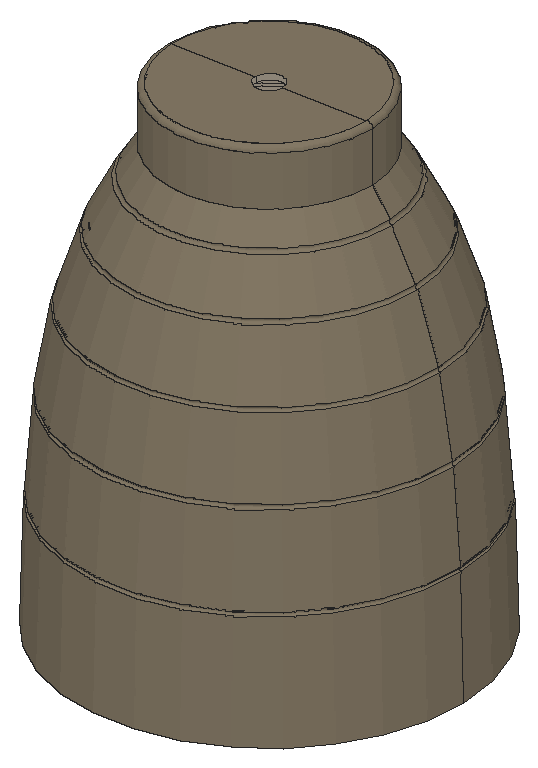
Revit family "PEC SHADE", category Lighting Fixtures, Revit 2024
Family settings
  Round Connector Dimension = Use Diameter
  Part Type = Normal
  OmniClass Number = 23.80.70.00
  OmniClass Title = Lighting
  Work Plane-Based = No
  Always vertical = Yes
  Cut with Voids When Loaded = No
  Light Source = Yes
  Maintain Annotation Orientation = No
  Shared = No
  Room Calculation Point = No
Parameters
  Wattage = 12.1178 W
  built-in parameter 1150110 = 1 (stored number, unit not read)
  built-in parameter 1114217 = 1 (stored number, unit not read)
  built-in parameter 1150109 = 1 (stored number, unit not read)
  built-in parameter 1150134 = (empty or 0)
  built-in parameter 1150113 = 1 (stored number, unit not read)
  Lumens = 1800 lm
  built-in parameter 1150115 = 1 (stored number, unit not read)
  built-in parameter 1150105 = 572.96 (stored number, unit not read)
  Light Source Symbol Size = 2' - 0"
  built-in parameter 1150137 = (empty or 0)
  built-in parameter 1150139 = (empty or 0)
  built-in parameter 1150112 = 1 (stored number, unit not read)
  built-in parameter 1150114 = 1 (stored number, unit not read)
  built-in parameter 1150132 = 2
  built-in parameter 1150102 = (empty or 0)
  built-in parameter 1150138 = (empty or 0)
  built-in parameter 1150107 = 3000 (stored number, unit not read)
  built-in parameter 1150106 = 5.7296 (stored number, unit not read)
  built-in parameter 1150104 = 13.8 (stored number, unit not read)
  Dimming Lamp Color Temperature Shift = (empty or 0)
  Default Elevation = 0' - 0"
  Color Filter = 16777215
  built-in parameter 1114218 = 1 (stored number, unit not read)
  built-in parameter 1150133 = 10 (stored number, unit not read)
Reference planes (in)
  plane 1 "Light Source Axis (F/B)": y = 0
  plane 2: z = 0
  plane 3 "Light Source Axis (L/R)": x = 0
  plane 4 "Light Source Elevation": z = 84
Forms (in)
  Revolve 1, solid
    sketch origin (0, 0, 0) x (1, 0, 0) y (0, 0, 1)
      loop
        line (-0.25, 92.75) -> (-1.75, 92.75)
        arc (-1.75, 92.75) -> (-1.82071, 92.72071) -> (-1.85, 92.65) r 0.1
        line (-1.85, 92.65) -> (-1.85, 91.75)
        arc (-1.85, 91.75) -> (-2.00724, 91.52188) -> (-2.15813, 91.28952) r 10.05035
        arc (-2.15813, 91.28952) -> (-2.16125, 91.2407) -> (-2.20414, 91.21714) r 0.05081
        arc (-2.20414, 91.21714) -> (-2.43403, 90.82557) -> (-2.63243, 90.41714) r 5.76938
        arc (-2.63243, 90.41714) -> (-2.62391, 90.37076) -> (-2.66325, 90.34476) r 0.04275
        arc (-2.66325, 90.34476) -> (-2.8795, 89.79474) -> (-3.04251, 89.22667) r 6.21182
        arc (-3.04251, 89.22667) -> (-3.02348, 89.18335) -> (-3.0608, 89.15429) r 0.0385
        arc (-3.0608, 89.15429) -> (-3.20498, 88.48343) -> (-3.30287, 87.80429) r 10.01265
        arc (-3.30287, 87.80429) -> (-3.27514, 87.76423) -> (-3.31159, 87.7319) r 0.03672
        arc (-3.31159, 87.7319) -> (-3.39692, 86.94271) -> (-3.43859, 86.15) r 14.38423
        arc (-3.43859, 86.15) -> (-3.40591, 86.11212) -> (-3.44215, 86.07762) r 0.03628
        arc (-3.44215, 86.07762) -> (-3.48715, 85.03926) -> (-3.5, 84) r 33.58842
        line (-3.5, 84) -> (-3.40625, 84)
        arc (-3.40625, 84) -> (-3.39415, 85.01073) -> (-3.35155, 86.02063) r 33.49467
        arc (-3.35155, 86.02063) -> (-3.31225, 86.10803) -> (-3.34351, 86.19862) r 0.13003
        arc (-3.34351, 86.19862) -> (-3.30339, 86.93626) -> (-3.2252, 87.67085) r 14.29048
        arc (-3.2252, 87.67085) -> (-3.18209, 87.75282) -> (-3.20423, 87.84275) r 0.13047
        arc (-3.20423, 87.84275) -> (-3.11238, 88.46867) -> (-2.98081, 89.08747) r 9.9189
        arc (-2.98081, 89.08747) -> (-2.93244, 89.16094) -> (-2.94086, 89.2485) r 0.13225
        arc (-2.94086, 89.2485) -> (-2.78996, 89.76686) -> (-2.59396, 90.26991) r 6.11807
        arc (-2.59396, 90.26991) -> (-2.53807, 90.33307) -> (-2.52997, 90.41702) r 0.1365
        arc (-2.52997, 90.41702) -> (-2.35018, 90.78358) -> (-2.14449, 91.13627) r 5.67563
        arc (-2.14449, 91.13627) -> (-2.08211, 91.19044) -> (-2.05959, 91.26994) r 0.14456
        arc (-2.05959, 91.26994) -> (-1.91931, 91.48468) -> (-1.77355, 91.69574) r 9.9566
        arc (-1.77355, 91.69574) -> (-1.76068, 91.72152) -> (-1.75625, 91.75) r 0.09375
        line (-1.75625, 91.75) -> (-1.75625, 92.65625) -> (-0.25, 92.65625) -> (-0.25, 92.75)
      axis (0, 84) -> (0, 92.75)
    angle from 0 to 360
Dimensions and locks (in)
  aligned and locked: plane 3 "Light Source Axis (L/R)" to imposter light
  aligned and locked: plane 1 "Light Source Axis (F/B)" to imposter light
  aligned and locked: plane 4 "Light Source Elevation" to imposter light
  aligned and locked: level to plane 2
